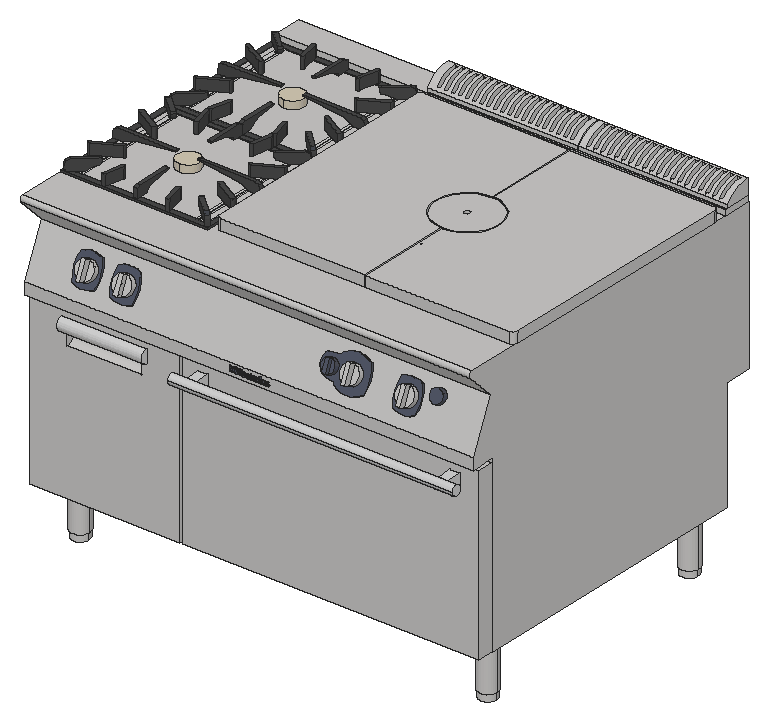
Revit family "QF_ELECTROLUXPROFESSIONAL_391021_E9STGL3010", category Specialty Equipment, Revit 2018 (continued)
Definition of nested family "371009_BURNER"
  Automatic sketch dimensions
    Extrusion 6 sketch curve to Extrusion 6 sketch curve = 29.348 mm  (x2)
    Extrusion 6 sketch curve to Extrusion 6 sketch curve = 3.155 mm  (x2)
    Extrusion 6 sketch curve to Extrusion 6 sketch curve = 22.572 mm
    Extrusion 6 sketch curve to Extrusion 6 sketch curve = 8.81 mm
    Extrusion 6 sketch curve to Extrusion 6 sketch curve = 9.845 mm  (x2)
    Extrusion 6 sketch curve to Extrusion 6 sketch curve = 3.99 mm  (x2)
    Extrusion 6 sketch curve to Extrusion 6 sketch curve = 0 mm  (x2)
    Extrusion 6 sketch curve to Extrusion 6 sketch curve = 49.533 mm
    Extrusion 6 sketch curve to plane 10 = 64.377 mm
    Extrusion 6 sketch curve to Extrusion 6 sketch curve = 326.397 mm
    Extrusion 6 sketch curve to plane 6 "TOP" = 28.141 mm
    Extrusion 6 sketch curve to Extrusion 6 sketch curve = 16.281 mm
    Extrusion 6 sketch curve to Extrusion 6 sketch curve = 1.035 mm
    Extrusion 6 sketch curve to Extrusion 6 sketch curve = 19.417 mm
    Extrusion 6 sketch curve to Extrusion 6 sketch curve = 4.763 mm  (x2)
    Extrusion 6 sketch curve to Extrusion 6 sketch curve = 3.716 mm
    plane 10 to Extrusion 7 sketch curve = 5 mm  (x2)
    Extrusion 7 sketch curve to Extrusion 7 sketch curve = 2.692 mm  (x2)
    Extrusion 7 sketch curve to Extrusion 7 sketch curve = 10.213 mm  (x2)
    plane 10 to Extrusion 7 sketch curve = 12.281 mm
    Extrusion 7 sketch curve to Extrusion 7 sketch curve = 29.348 mm  (x2)
    Extrusion 7 sketch curve to Extrusion 7 sketch curve = 3.155 mm  (x2)
    Extrusion 7 sketch curve to Extrusion 7 sketch curve = 22.572 mm
    Extrusion 7 sketch curve to Extrusion 7 sketch curve = 8.81 mm
    Extrusion 7 sketch curve to Extrusion 7 sketch curve = 9.845 mm  (x2)
    Extrusion 7 sketch curve to Extrusion 7 sketch curve = 3.99 mm  (x2)
    Extrusion 7 sketch curve to Extrusion 7 sketch curve = 0 mm  (x2)
    Extrusion 7 sketch curve to Extrusion 7 sketch curve = 21.306 mm
    Extrusion 7 sketch curve to plane 10 = 64.377 mm  (x2)
    Extrusion 7 sketch curve to Extrusion 7 sketch curve = 326.397 mm
    Extrusion 7 sketch curve to plane 6 "TOP" = 28.141 mm
    Extrusion 7 sketch curve to Extrusion 7 sketch curve = 16.281 mm
    Extrusion 7 sketch curve to Extrusion 7 sketch curve = 1.035 mm
    Extrusion 7 sketch curve to Extrusion 7 sketch curve = 19.417 mm
    Extrusion 7 sketch curve to Extrusion 7 sketch curve = 7.281 mm
    Extrusion 7 sketch curve to Extrusion 7 sketch curve = 10.713 mm
    curve 58 to curve 12 = 72.824 mm
    curve 30 to curve 30 = 73.227 mm
    curve 58 to curve 5 = 10.263 mm
    curve 5 to curve 58 = 0 mm
    curve 59 to curve 30 = 10.263 mm
    curve 30 to curve 8 = 9.4 mm
    curve 31 to curve 32 = 0 mm
    curve 33 to curve 38 = 0 mm  (x2)
    curve 33 to curve 39 = 0 mm  (x2)
    curve 33 to curve 40 = 0 mm  (x2)
    plane 1 "BACK" to curve 41 = 0 mm
    curve 41 to plane 3 "LEFT" = 0 mm
    curve 31 to plane 7 "Center Y" = 0 mm
    curve 33 to plane 7 "Center Y" = 0 mm
    curve 41 to plane 4 "RIGHT" = 0 mm
    plane 3 "LEFT" to curve 76 = 1.326 mm
    plane 3 "LEFT" to curve 64 = 1.326 mm
    plane 3 "LEFT" to curve 44 = 2.995 mm
    plane 3 "LEFT" to curve 46 = 2.995 mm
    curve 43 to curve 43 = 2.408 mm
    curve 46 to curve 47 = 2.408 mm
    curve 47 to curve 47 = 2.408 mm
    curve 43 to curve 42 = 2.408 mm
    curve 76 to plane 5 "FRONT" = 0.514 mm
    plane 3 "LEFT" to curve 76 = 8.029 mm
    plane 1 "BACK" to curve 62 = 0.514 mm
    plane 3 "LEFT" to curve 62 = 8.029 mm
    curve 48 to curve 75 = 50.941 mm
    curve 43 to curve 63 = 50.941 mm
    curve 75 to curve 75 = 3.351 mm
    curve 63 to curve 63 = 3.351 mm
    plane 1 "BACK" to curve 62 = 52.383 mm
    curve 63 to curve 62 = 3.351 mm
    curve 74 to plane 5 "FRONT" = 52.383 mm
    curve 75 to curve 74 = 3.351 mm
    plane 3 "LEFT" to curve 46 = 65.629 mm
    plane 3 "LEFT" to curve 44 = 65.629 mm
    curve 45 to curve 45 = 2.408 mm
    curve 46 to curve 49 = 2.408 mm
    curve 49 to curve 48 = 2.408 mm
    curve 45 to curve 42 = 2.408 mm
    curve 38 to plane 8 "Center X" = 2.597 mm
    curve 38 to plane 7 "Center Y" = 51.172 mm
    curve 33 to plane 8 "Center X" = 2.597 mm
    curve 38 to curve 33 = 12.999 mm
    curve 33 to plane 7 "Center Y" = 5 mm
    curve 38 to plane 7 "Center Y" = 5 mm
    curve 31 to curve 33 = 0 mm
    plane 7 "Center Y" to curve 32 = 5 mm
    plane 7 "Center Y" to curve 40 = 5 mm
    curve 39 to curve 32 = 0 mm
    curve 39 to plane 8 "Center X" = 2.597 mm
    plane 7 "Center Y" to curve 39 = 38.172 mm
    curve 40 to plane 8 "Center X" = 2.704 mm
    curve 39 to curve 40 = 12.979 mm
    curve 50 to plane 4 "RIGHT" = 70.445 mm
    curve 57 to plane 4 "RIGHT" = 70.445 mm
    curve 50 to curve 53 = 2.408 mm
    curve 57 to curve 57 = 2.408 mm  (x2)
    curve 53 to curve 53 = 2.408 mm
    curve 71 to curve 71 = 3.351 mm
    curve 67 to curve 67 = 3.351 mm
    curve 71 to curve 69 = 3.351 mm
    curve 67 to curve 65 = 3.351 mm
    curve 60 to plane 4 "RIGHT" = 15 mm
    curve 72 to plane 5 "FRONT" = 0.514 mm
    curve 72 to plane 4 "RIGHT" = 8.029 mm
    plane 1 "BACK" to curve 68 = 0.514 mm
    curve 68 to plane 4 "RIGHT" = 8.029 mm
    curve 50 to plane 4 "RIGHT" = 7.81 mm
    curve 55 to plane 4 "RIGHT" = 7.81 mm
    curve 55 to curve 55 = 2.408 mm
    curve 50 to curve 51 = 2.408 mm
    curve 55 to plane 4 "RIGHT" = 2.995 mm
    curve 51 to plane 4 "RIGHT" = 2.995 mm
    curve 69 to plane 4 "RIGHT" = 1.326 mm
    curve 65 to plane 4 "RIGHT" = 1.326 mm
    curve 72 to plane 5 "FRONT" = 7.935 mm
    curve 60 to plane 5 "FRONT" = 20.286 mm
    curve 71 to curve 56 = 27.93 mm
    curve 73 to curve 48 = 27.93 mm
    curve 47 to curve 47 = 4.382 mm
    curve 55 to curve 55 = 4.382 mm
    curve 56 to plane 8 "Center X" = 55.651 mm
    curve 48 to plane 8 "Center X" = 55.651 mm
    curve 57 to curve 57 = 4.382 mm
    curve 49 to curve 49 = 4.382 mm
    curve 40 to plane 8 "Center X" = 44.773 mm
    curve 39 to curve 32 = 4.818 mm
    plane 8 "Center X" to curve 31 = 2.403 mm
    plane 8 "Center X" to curve 45 = 46.886 mm
    plane 8 "Center X" to curve 52 = 46.886 mm
    curve 53 to curve 53 = 4.382 mm
    curve 45 to curve 45 = 4.382 mm
    curve 53 to curve 52 = 34.416 mm
    curve 44 to curve 61 = 36.694 mm
    curve 43 to curve 43 = 4.382 mm
    curve 51 to curve 51 = 4.382 mm
    curve 51 to curve 65 = 27.93 mm
    plane 1 "BACK" to curve 83 = 20.286 mm
    plane 1 "BACK" to curve 88 = 15 mm
    plane 1 "BACK" to curve 77 = 15 mm
    curve 77 to curve 83 = 30.799 mm
    curve 78 to plane 5 "FRONT" = 15 mm
    curve 80 to curve 71 = 7.989 mm
    curve 78 to curve 60 = 30.799 mm
    curve 78 to curve 80 = 13.475 mm
    curve 55 to curve 79 = 10.979 mm
    curve 82 to curve 57 = 6.514 mm
    curve 80 to curve 78 = 0 mm
    curve 80 to curve 82 = 11.41 mm
    curve 77 to curve 66 = 37.77 mm
    curve 60 to curve 79 = 11.41 mm
    plane 8 "Center X" to curve 81 = 7.403 mm
    plane 8 "Center X" to curve 84 = 7.403 mm
    curve 82 to plane 8 "Center X" = 2.597 mm
    curve 82 to curve 84 = 0 mm
    curve 79 to plane 8 "Center X" = 2.597 mm
    curve 79 to curve 81 = 0 mm
    curve 81 to curve 51 = 10.979 mm
    curve 53 to curve 85 = 17.924 mm
    curve 84 to curve 81 = 30.799 mm
    curve 84 to curve 85 = 11.41 mm
    curve 52 to curve 84 = 19.83 mm
    curve 81 to curve 83 = 11.41 mm
    curve 67 to curve 85 = 7.989 mm
    curve 85 to curve 77 = 0 mm
    curve 85 to curve 77 = 13.475 mm
    curve 86 to curve 37 = 26.152 mm
    curve 4 to curve 86 = 10.263 mm
    curve 86 to curve 4 = 0 mm
    curve 36 to curve 21 = 26.152 mm
    curve 88 to curve 88 = 25 mm
    plane 8 "Center X" to curve 89 = 69.193 mm
    curve 43 to curve 90 = 9.597 mm
    curve 43 to curve 90 = 0.432 mm
    plane 1 "BACK" to curve 90 = 20.286 mm
    curve 93 to plane 8 "Center X" = 2.597 mm
    plane 8 "Center X" to curve 91 = 7.403 mm
    curve 95 to plane 8 "Center X" = 69.193 mm
    curve 93 to curve 94 = 28.333 mm
    curve 95 to curve 12 = 33.104 mm
    curve 21 to curve 87 = 10.263 mm
    curve 87 to curve 21 = 0 mm
    curve 91 to curve 90 = 11.41 mm
    curve 89 to curve 87 = 21.732 mm
    curve 89 to curve 92 = 11.41 mm
    curve 92 to curve 89 = 0 mm
    plane 8 "Center X" to curve 92 = 7.403 mm
    curve 91 to curve 90 = 0 mm
    curve 93 to curve 95 = 0 mm
    curve 93 to curve 95 = 11.41 mm
    curve 11 to curve 94 = 0 mm
    curve 11 to curve 94 = 11.41 mm
    curve 95 to curve 11 = 30.799 mm
    curve 95 to curve 12 = 13.475 mm
    plane 3 "LEFT" to curve 95 = 45.799 mm
    curve 95 to curve 5 = 33.104 mm
    Extrusion 8 sketch curve to Extrusion 3 = 5.275 mm  (x2)
    Extrusion 8 sketch curve to Extrusion 8 sketch curve = 1.125 mm  (x16)
    Extrusion 3 to Extrusion 8 sketch curve = 38.711 mm  (x2)
    Extrusion 8 sketch curve to Extrusion 3 = 7.19 mm  (x3)
    Extrusion 3 to Extrusion 8 sketch curve = 72.734 mm  (x2)
    Extrusion 8 sketch curve to Extrusion 8 sketch curve = 4.382 mm  (x16)
    Extrusion 8 sketch curve to Extrusion 3 = 2.995 mm  (x4)
    Extrusion 8 sketch curve to Extrusion 8 sketch curve = 34.416 mm  (x4)
    Extrusion 3 to Extrusion 8 sketch curve = 50.629 mm  (x3)
    Extrusion 8 sketch curve to Extrusion 8 sketch curve = 93.773 mm  (x2)
    Extrusion 3 to Extrusion 8 sketch curve = 40.96 mm  (x2)
    Extrusion 8 sketch curve to Extrusion 3 = 7.476 mm  (x2)
    Extrusion 8 sketch curve to Extrusion 8 sketch curve = 2.408 mm  (x4)
    Extrusion 3 to Extrusion 8 sketch curve = 91.634 mm  (x2)
    Extrusion 8 sketch curve to Extrusion 8 sketch curve = 4.872 mm  (x8)
    Extrusion 8 sketch curve to Extrusion 8 sketch curve = 11.182 mm  (x4)
    Extrusion 3 to Extrusion 8 sketch curve = 112.56 mm
    Extrusion 8 sketch curve to Extrusion 8 sketch curve = 61.931 mm
    Extrusion 3 to Extrusion 8 sketch curve = 55.445 mm
    Extrusion 8 sketch curve to Extrusion 8 sketch curve = 4.816 mm
    curve 67 to curve 85 = 19.656 mm
    curve 71 to curve 80 = 19.656 mm
    curve 99 to plane 5 "FRONT" = 7.524 mm
    curve 74 to curve 99 = 41.179 mm
    curve 98 to curve 99 = 4.872 mm
    curve 96 to plane 5 "FRONT" = 5.275 mm
    curve 99 to curve 96 = 4.872 mm
    curve 99 to curve 98 = 11.182 mm
    curve 98 to curve 97 = 4.872 mm
    curve 96 to plane 5 "FRONT" = 53.711 mm
    curve 97 to curve 96 = 4.872 mm
    curve 97 to curve 97 = 1.125 mm
    curve 103 to curve 70 = 62.105 mm
    curve 103 to curve 103 = 4.872 mm  (x2)
    curve 100 to plane 5 "FRONT" = 5.275 mm
    curve 100 to curve 100 = 11.182 mm
    curve 101 to curve 101 = 4.872 mm
    curve 102 to plane 5 "FRONT" = 7.524 mm
    curve 101 to curve 102 = 4.872 mm
    curve 100 to curve 100 = 48.436 mm
    curve 103 to curve 103 = 1.125 mm
    curve 106 to curve 67 = 62.105 mm
    curve 107 to curve 107 = 4.872 mm
    plane 1 "BACK" to curve 104 = 55.96 mm
    curve 107 to curve 104 = 4.872 mm
    plane 1 "BACK" to curve 105 = 5.275 mm
    curve 107 to curve 105 = 11.182 mm
    curve 105 to curve 105 = 4.872 mm  (x2)
    curve 107 to curve 107 = 1.125 mm
    plane 1 "BACK" to curve 104 = 7.524 mm
    plane 1 "BACK" to curve 109 = 7.524 mm
    curve 62 to curve 109 = 41.179 mm
    curve 109 to curve 109 = 4.872 mm
    plane 1 "BACK" to curve 108 = 5.275 mm
    curve 109 to curve 108 = 4.872 mm
    curve 110 to curve 111 = 11.182 mm
    curve 110 to curve 111 = 4.872 mm
    plane 1 "BACK" to curve 108 = 53.711 mm
    curve 111 to curve 108 = 4.872 mm
    curve 111 to curve 108 = 2.25 mm
    radius of Extrusion 4 sketch curve = 30 mm
